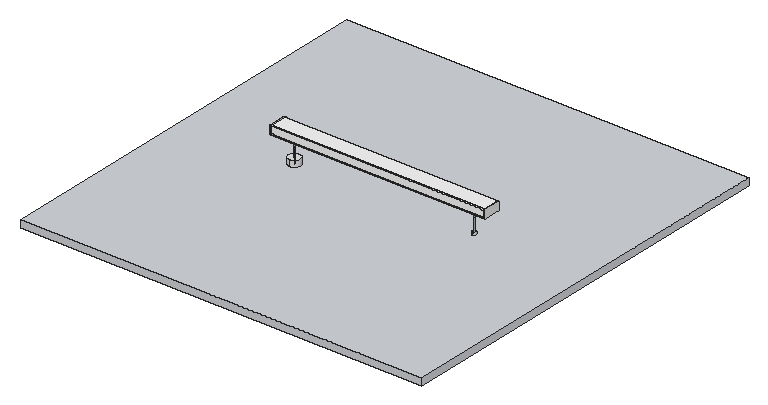
Revit family "Zumtobel ECOOS2", category Lighting Fixtures, host Face, Revit 2016
Family settings
  Host = Face
  Part Type = Normal
  Round Connector Dimension = Use Diameter
  OmniClass Number = 23.80.70.11
  OmniClass Title = Luminaries for Internal Lighting
  Cut with Voids When Loaded = No
  Light Source = Yes
  Shared = No
  Room Calculation Point = No
Parameters (values of type "ECOOS2 5500 L15")
  Width = 120 mm  # constant formula
  Wattage Comments = ""
  Wattage = 37.0266 W
  built-in parameter 1150110 = 1 (stored number, unit not read)
  Voltage = 230 V
  URL = "www.zumtobel.de/42186823"
  Type Comments = "© Zumtobel. We reserve the right to make technical changes without prior notice."  # constant formula
  built-in parameter 1114217 = 1 (stored number, unit not read)
  Tilt Angle = -90.00°
  built-in parameter 1150109 = 1 (stored number, unit not read)
  built-in parameter 1150134 = 12
  TEC Track Mount = no
  Suspension Value [instance] = if(Surface Mount Viz, 76 mm, if(TEC Track Mount, 85.5 mm, if(Suspension Height = 200 mm, 200 mm, if(Suspension Height < 200 mm, 200 mm, Suspension Height - 76 mm))))  # 224 mm
  Suspension Height [instance] = 300 mm
  Suspension [instance] = ZG_Metal_Light_Grey
  Suspensin Heigth Value [instance] = if(TEC Track Mount, 300 mm, if(Surface Mount, 300 mm, Suspension Value))  # 224 mm
  Surface Mount [instance] = no
  built-in parameter 1150113 = 1 (stored number, unit not read)
  Surface Mount Viz [instance] = and(No TEC Track Mount, Surface Mount)  # no
  Show Suspension [instance] = not(or(Surface Mount, TEC Track Mount))  # yes
  Photometric Web File = "42186823_(STD_LEO).IES"
  No TEC Track Mount = not(TEC Track Mount)  # yes
  Model = "42186823"
  Manufacturer = "Zumtobel Lighting"  # constant formula
  built-in parameter 1150105 = 437.68 (stored number, unit not read)
  Lumens = 5500 lm
  built-in parameter 1150115 = 1 (stored number, unit not read)
  built-in parameter 1150137 = (empty or 0)
  built-in parameter 1150139 = (empty or 0)
  Length = 1512 mm
  built-in parameter 1150112 = 1 (stored number, unit not read)
  built-in parameter 1150114 = 1 (stored number, unit not read)
  Lamp = "LED"  # constant formula
  built-in parameter 1150132 = 2
  built-in parameter 1150102 = (empty or 0)
  built-in parameter 1150107 = 4000 (stored number, unit not read)
  built-in parameter 1150138 = (empty or 0)
  built-in parameter 1150106 = 4.3768 (stored number, unit not read)
  Height = 76 mm  # constant formula
  Emit from Rectangle Width = Length - 13 mm  # 1499 mm
  built-in parameter 1150128 = Width  # 120 mm
  Emit Shape Visible in Rendering = no
  built-in parameter 1150104 = 13.8 (stored number, unit not read)
  Dimming Lamp Color Temperature Shift = <None>
  Description = "Surface mount or pendant LED luminaire"
  Default Elevation = 0 mm
  Cover = ZG_PMMA_Opaque
  Color Filter = 16777215
  Body = ZG_Metal_Light_Grey
  built-in parameter 1114218 = 1 (stored number, unit not read)
  Emit from Rectangle Length = 3048 mm
  Assembly Code = "D5020200"
  Apparent Load = 46.6 VA
Types (4, lengths in mm): name | Wattage | URL | TEC Track Mount | Suspension Value | Suspension Height | Suspensin Heigth Value | Surface Mount | Show Suspension | Photometric Web File | No TEC Track Mount | Model | built-in parameter 1150105 | Lumens | Length | built-in parameter 1150106 | Emit from Rectangle Width | Description | Apparent Load
  ECOOS2 4400 L12 | 29.6213 W | "www.zumtobel.com/42186821" | yes | 85.5 | 500 | 300 | no | no | "42186821_(STD_LEO).IES" | no | "42186821" | 350.14 (stored number, unit not read) | 4400 lm | 1264 | 3.5014 (stored number, unit not read) | 1251 | "Surface mount or pendant LED luminaire" | 37.4 VA
  ECOOS2 5500 L15 | 37.0266 W | "www.zumtobel.de/42186823" | no | 224 | 300 | 224 | no | yes | "42186823_(STD_LEO).IES" | yes | "42186823" | 437.68 (stored number, unit not read) | 5500 lm | 1512 | 4.3768 (stored number, unit not read) | 1499 | "Surface mount or pendant LED luminaire" | 46.6 VA
  ECOOS2 4400 TEC L12 | 29.6213 W | "www.zumtobel.com/42932536" | yes | 85.5 | 500 | 300 | yes | no | "42932536_(STD_LEO).IES" | no | "42932536" | 350.14 (stored number, unit not read) | 4400 lm | 1264 | 3.5014 (stored number, unit not read) | 1251 | "TECTON track mount LED luminaire" | 37.4 VA
  ECOOS2 5500 TEC L15 | 37.0266 W | "www.zumtobel.de/42932538" | yes | 85.5 | 500 | 300 | no | no | "42932538_(STD_LEO).IES" | no | "42932538" | 437.68 (stored number, unit not read) | 5500 lm | 1512 | 4.3768 (stored number, unit not read) | 1499 | "TECTON track mount LED luminaire" | 46.6 VA
Reference planes
  plane 1 "Center (Front/Back)": y = 0
  plane 2 "Top": z = 0
  plane 3 "Center (Left/Right)": x = 399.5
  plane 4 "Left": x = -356.5
  plane 5 "Right": x = 1155.5
  plane 6: z = 224
  plane 7: x = 1149
  plane 8: x = 1149
  plane 9: x = -350
  plane 10 "Axis Power": z = 164
  plane 11 "Suspension Left": x = -230.5
  plane 12 "Suspension Right": x = 1029.5
  plane 13: x = -310.5
  plane 14: x = 1109.5
  plane 15: y = 60
  plane 16: y = -60
  plane 17: z = 148
Forms (mm)
  Extrusion 1, solid
    sketch origin (0, 0, 0) x (1, 0, 0) y (0, 1, 0)
      loop
        line (-1010.5, 1431.145) -> (-1010.5, -1431.145) -> (1809.5, -1431.145) -> (1809.5, 1431.145) -> (-1010.5, 1431.145)
    from 0 to -52.502
  Extrusion 2, solid, material "ZG_Metal_Light_Grey" <- "Body"
    sketch origin (1155.5, 0, 0) x (0, 1, 0) y (0, 0, -1)
      loop
        line (60, -219) -> (60, -169)
        arc (60, -169) -> (58.536, -165.464) -> (55, -164) r 5
        line (55, -164) -> (-55, -164)
        arc (-55, -164) -> (-58.536, -165.464) -> (-60, -169) r 5
        line (-60, -169) -> (-60, -219)
        arc (-60, -219) -> (-58.536, -222.536) -> (-55, -224) r 5
        line (-55, -224) -> (55, -224)
        arc (55, -224) -> (58.536, -222.536) -> (60, -219) r 5
    from 0 to 6.5
  Extrusion 3, solid, material "ZG_Metal_Light_Grey" <- "Suspension", visible <- "Show Suspension", detail levels medium+fine
    sketch origin (1409.34, -475.958, 0) x (0, -1, 0) y (1, 0, 0)
      loop
        circle (-475.958, -1639.84) r 41
      loop
        circle (-475.958, -1639.84) r 1.5
    from 0 to 39
  Extrusion 4, solid, material "ZG_Metal_Light_Grey" <- "Body"
    sketch origin (-372.5, 0, 0) x (0, 1, 0) y (0, 0, 1)
      loop
        arc (60, 219) -> (58.536, 222.536) -> (55, 224) r 5
        line (55, 224) -> (-55, 224)
        arc (-55, 224) -> (-58.536, 222.536) -> (-60, 219) r 5
        line (-60, 219) -> (-60, 169)
        arc (-60, 169) -> (-58.536, 165.464) -> (-55, 164) r 5
        line (-55, 164) -> (55, 164)
        arc (55, 164) -> (58.536, 165.464) -> (60, 169) r 5
        line (60, 169) -> (60, 219)
    from 16 to 22.5
  Extrusion 5, solid, material "ZG_Metal_Light_Grey" <- "Body"
    sketch origin (-352.5, 0, 0) x (0, 1, 0) y (0, 0, 1)
      loop
        arc (60, 219) -> (58.536, 222.536) -> (55, 224) r 5
        line (55, 224) -> (-55, 224)
        arc (-55, 224) -> (-58.536, 222.536) -> (-60, 219) r 5
        line (-60, 219) -> (-60, 169)
        arc (-60, 169) -> (-58.536, 165.464) -> (-55, 164) r 5
        line (-55, 164) -> (55, 164)
        arc (55, 164) -> (58.536, 165.464) -> (60, 169) r 5
        line (60, 169) -> (60, 219)
    from 2.5 to 1501.5
  Extrusion 6, solid, material "ZG_Metal_Light_Grey" <- "Body"
    sketch origin (399.5, 0, 0) x (0, 0, -1) y (0, -1, 0)
      loop
        line (-164, -32) -> (-148, -32) -> (-148, 32) -> (-164, 32) -> (-164, -32)
    from -710 to 710
  Extrusion 7, solid, material "ZG_Metal_Light_Grey" <- "Suspension", visible <- "Show Suspension", detail levels medium+fine
    sketch origin (1409.34, -415.958, 0) x (0, -1, 0) y (1, 0, 0)
      loop
        circle (-415.958, -379.84) r 13
      loop
        circle (-415.958, -379.84) r 1.5
    from 0 to 13
  Sweep 8, solid, material "ZG_Metal_Light_Grey" <- "Body", visible <- "TEC Track Mount"
    path origin (0, 0, 0) x (1, 0, 0) y (0, 1, 0)
      loop
        line (-310.5, 0) -> (1109.5, 0)
    profile "TEC Adapter : TEC Adapter" origin (399.5, 0, 0) x (0, 1, 0) y (0, 0, 1)
      loop
        line (-24.5, 9.5) -> (-24.5, -1.506) -> (-21.81, -1.506) -> (-21.81, 0) -> (21.81, 0) -> (21.81, -1.5) -> (24.5, -1.5) -> (24.5, 9.5) -> (-24.5, 9.5)
Dimensions and locks
  "Length": plane 4 "Left" to plane 5 "Right"
  equal spacing: plane 4 "Left", plane 3 "Center (Left/Right)", plane 5 "Right"
  locked: plane 4 "Left" to plane 9 at 6.5
  locked: plane 7 to plane 5 "Right" at 6.5
  "Suspension Value": plane 6 to plane 2 "Top"
  locked: plane 13 to plane 4 "Left" at 46
  locked: plane 14 to plane 5 "Right" at 46
  locked: plane 11 "Suspension Left" to plane 13 at 80
  locked: plane 12 "Suspension Right" to plane 14 at 80
  equal spacing: plane 16, plane 1 "Center (Front/Back)", plane 15
  "Width": plane 16 to plane 15
  plane 6 to plane 10 "Axis Power" to plane 17 = 60 mm locked, 16 mm locked
  aligned and locked: Extrusion 1 to plane 2 "Top"
  aligned and locked: plane 6 to imposter light
  aligned and locked: Extrusion 2 to plane 8
  aligned and locked: plane 1 "Center (Front/Back)" to nested 1
  aligned and locked: nested 1 to plane 11 "Suspension Left"
  aligned and locked: nested 2 to plane 12 "Suspension Right"
  aligned and locked: imposter light to plane 1 "Center (Front/Back)"
  aligned and locked: Extrusion 2 to plane 5 "Right"
  aligned and locked: plane 8 to plane 7
  aligned and locked: Extrusion 4 to plane 4 "Left"
  aligned and locked: Extrusion 4 to plane 9
  aligned and locked: plane 9 to Extrusion 5
  aligned and locked: plane 8 to Extrusion 5
  aligned and locked: plane 13 to Extrusion 6
  aligned and locked: plane 3 "Center (Left/Right)" to imposter light
  aligned and locked: Extrusion 6 to plane 14
  aligned and locked: Extrusion 6 sketch curve to plane 10 "Axis Power"
  aligned and locked: plane 13 to Sweep 8 sketch curve
  aligned and locked: plane 14 to Sweep 8 sketch curve
  aligned and locked: plane 1 "Center (Front/Back)" to Sweep 8 sketch curve
Automatic sketch dimensions
  Extrusion 1 sketch curve to Extrusion 1 sketch curve = 2820 mm
  Extrusion 1 sketch curve to Extrusion 1 sketch curve = 2862.29 mm
  Extrusion 2 sketch curve to plane 16 = 0 mm
  Extrusion 2 sketch curve to plane 6 = 0 mm
  Extrusion 2 sketch curve to plane 10 "Axis Power" = 0 mm
  Extrusion 2 sketch curve to plane 15 = 0 mm
  plane 16 to Extrusion 2 sketch curve = 5 mm
  Extrusion 2 sketch curve to Extrusion 2 sketch curve = 5 mm
  plane 6 to Extrusion 2 sketch curve = 5 mm
  plane 15 to Extrusion 2 sketch curve = 5 mm
  Extrusion 3 sketch curve to Extrusion 3 sketch curve = 0 mm  (x2)
  plane 1 "Center (Front/Back)" to Extrusion 3 sketch curve = 0 mm
  Extrusion 3 sketch curve to plane 11 "Suspension Left" = 0 mm
  Extrusion 4 sketch curve to plane 16 = 0 mm
  Extrusion 4 sketch curve to plane 6 = 0 mm
  Extrusion 4 sketch curve to plane 10 "Axis Power" = 0 mm
  Extrusion 4 sketch curve to plane 15 = 0 mm
  Extrusion 4 sketch curve to plane 16 = 5 mm
  plane 10 "Axis Power" to Extrusion 4 sketch curve = 5 mm
  Extrusion 4 sketch curve to plane 6 = 5 mm
  Extrusion 4 sketch curve to plane 15 = 5 mm
  Extrusion 5 sketch curve to plane 16 = 0 mm
  Extrusion 5 sketch curve to plane 6 = 0 mm
  Extrusion 5 sketch curve to plane 10 "Axis Power" = 0 mm
  Extrusion 5 sketch curve to plane 15 = 0 mm
  Extrusion 5 sketch curve to plane 16 = 5 mm
  plane 10 "Axis Power" to Extrusion 5 sketch curve = 5 mm
  Extrusion 5 sketch curve to plane 6 = 5 mm
  Extrusion 5 sketch curve to plane 15 = 5 mm
  plane 17 to Extrusion 6 sketch curve = 0 mm
  Extrusion 6 sketch curve to plane 15 = 28 mm
  Extrusion 6 sketch curve to plane 16 = 28 mm
  Extrusion 7 sketch curve to Extrusion 7 sketch curve = 0 mm  (x2)
  Extrusion 7 sketch curve to plane 12 "Suspension Right" = 0 mm
  Extrusion 7 sketch curve to plane 15 = 60 mm
  radius of Extrusion 3 sketch curve = 41 mm
  radius of Extrusion 3 sketch curve = 1.5 mm
  radius of Extrusion 7 sketch curve = 13 mm
  radius of Extrusion 7 sketch curve = 1.5 mm
Nested families
  nested 1: "Suspension" at (-230.5, 0, 0), Suspension <- "Suspension", type "Suspension"
    with Suspension ZG_Metal_Light_Grey, Suspension Value 148 mm, Suspension Height 224 mm
  nested 2: "Suspension" at (1029.5, 0, 0) x (-1, 0, 0) z (0, 0, 1), Suspension <- "Suspension", type "Suspension"
    with Suspension ZG_Metal_Light_Grey, Suspension Value 148 mm, Suspension Height 224 mm
Connectors
  electrical at (-230.5, 0, 0), driven by "Voltage", driven by "Apparent Load"
    settings: on Extrusion 3, index 1, voltage 230 V, apparent load 46.6 VA, apparent load phase1 0 VA, apparent load phase2 0 VA, apparent load phase3 0 VA, power factor 1, load classification "Lighting", number of poles 1, system type 30, power factor state 1, is connector primary yes, connector utility no, sub classification motor no, connector description "Power"
Definition of nested family "Suspension"
  Parameters (values of type "Suspension")
    Suspension Value = if(Suspension Height = 0 mm, 300 mm, if(Suspension Height < 200 mm, Suspension Height - 90 mm, Suspension Height - 76 mm))  # 424 mm
    Suspension Height = 500 mm
    Suspension [instance] = none
    Show Suspension = yes
  Reference planes
    plane 1 "Light Source Axis (F/B)": y = 0
    plane 2: z = 0
    plane 3 "Light Source Axis (L/R)": x = 0
    plane 4 "Light Source Elevation": z = 0
    plane 5: z = 424
    plane 6: z = 410.792
    plane 7: z = 385.792
  Forms (mm)
    Extrusion 1, solid, material <- "Suspension", visible <- "Show Suspension"
      sketch origin (661.466, 0, 85) x (0, -1, 0) y (1, 0, 0)
        loop
          circle (0, -661.466) r 4
      from 300.792 to 325.792
    Extrusion 2, solid, material <- "Suspension", visible <- "Show Suspension"
      sketch origin (639.464, 0, 65) x (0, -1, 0) y (1, 0, 0)
        loop
          circle (0, -639.464) r 1.5
      from -65 to 320.792
    Sweep 3, solid, material <- "Suspension", visible <- "Show Suspension"
      path origin (0, 0, 0) x (0, 0, 1) y (0, -1, 0)
        loop
          line (426.337, -23.764) -> (406.472, -7.095)
          arc (406.472, -7.095) -> (405.681, -6.065) -> (405.4, -4.797) r 3
          line (405.4, -4.797) -> (405.4, 4.797)
          arc (405.4, 4.797) -> (405.681, 6.065) -> (406.472, 7.095) r 3
          line (406.472, 7.095) -> (426.337, 23.764)
      profile origin (0, 0, 405.4) x (0, 0, 1) y (-1, 0, 0)
        loop
          circle (0, 0) r 1.498
    Extrusion 4, void
      sketch origin (0, 0, 0) x (0, 1, 0) y (0, 0, 1)
        loop
          line (32, 424) -> (32, 439) -> (-32, 439) -> (-32, 424) -> (32, 424)
      from -25 to 25
  Cuts and joins
    Extrusion 4 cuts Sweep 3
    joined: Extrusion 1, Sweep 3
  Dimensions and locks
    plane 5 to plane 6 to plane 7 = 13.208 mm locked, 25 mm locked
    "Suspension Value": plane 4 "Light Source Elevation" to plane 5
    aligned and locked: level to plane 2
    aligned and locked: plane 6 to Extrusion 1
    aligned and locked: Extrusion 1 to plane 7
    aligned and locked: plane 7 to Extrusion 2
    aligned and locked: plane 4 "Light Source Elevation" to Extrusion 2
  Automatic sketch dimensions
    plane 1 "Light Source Axis (F/B)" to Extrusion 1 sketch curve = 0 mm
    Extrusion 1 sketch curve to plane 3 "Light Source Axis (L/R)" = 0 mm
    plane 1 "Light Source Axis (F/B)" to Extrusion 2 sketch curve = 0 mm
    Extrusion 2 sketch curve to plane 3 "Light Source Axis (L/R)" = 0 mm
    Sweep 3 sketch curve to profile plane = 0 mm
    profile plane to Sweep 3 sketch curve = 0 mm
    plane 6 to Sweep 3 sketch curve = 5.392 mm
    plane 6 to Sweep 3 sketch curve = 4.32 mm  (x2)
    plane 6 to Sweep 3 sketch curve = 2.392 mm  (x2)
    plane 1 "Light Source Axis (F/B)" to Sweep 3 sketch curve = 7.095 mm
    Sweep 3 sketch curve to plane 1 "Light Source Axis (F/B)" = 4.797 mm
    Sweep 3 sketch curve to plane 5 = 2.337 mm  (x2)
    plane 1 "Light Source Axis (F/B)" to Sweep 3 sketch curve = 23.764 mm
    Sweep 3 sketch curve to plane 1 "Light Source Axis (F/B)" = 23.764 mm
    Extrusion 4 sketch curve to plane 5 = 0 mm
    plane 1 "Light Source Axis (F/B)" to Extrusion 4 sketch curve = 32 mm
    plane 5 to Extrusion 4 sketch curve = 15 mm
    Extrusion 4 sketch curve to plane 1 "Light Source Axis (F/B)" = 32 mm
    radius of Extrusion 1 sketch curve = 4 mm
    radius of Extrusion 2 sketch curve = 1.5 mm
    radius of Sweep 3 sketch curve = 1.498 mm
